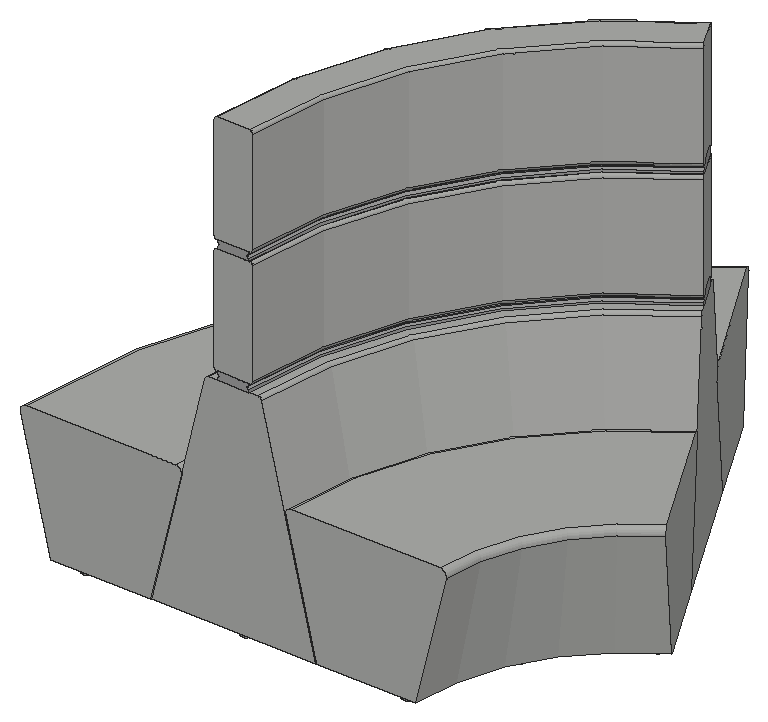
Revit family "Hive 60° Double Bench, Full Base, Two Screens", category Furniture, Revit 2020
Family settings
  OmniClass Number = 23.40.20.00
  OmniClass Title = General Furniture and Specialties
  Work Plane-Based = No
  Always vertical = Yes
  Cut with Voids When Loaded = No
  Shared = No
  Room Calculation Point = No
Parameters
  UK Secondary Seat Count = 4
  UK Primary Seat Count = 4
  Seat Upholstery [instance] = Fabric, Unspecified
  Seat Top Upholstery [instance] = Fabric, Unspecified
  Screen Two Upholstery [instance] = Fabric, Unspecified
  Screen Two Top Upholstery [instance] = Fabric, Unspecified
  Screen One Upholstery [instance] = Fabric, Unspecified
  Screen One Top Upholstery [instance] = Fabric, Unspecified
  Screen 2 [instance] = yes
  Screen 1 [instance] = yes
  Power Module Seat Right Front [instance] = no
  Power Module Seat Right Back [instance] = no
  Power Module Seat Left Front [instance] = no
  Power Module Seat Left Back [instance] = no
  Power Module Screen 2 Front [instance] = no
  Power Module Screen 2 Back [instance] = no
  Power Module Screen 1 Front [instance] = no
  Power Module Screen 1 Back [instance] = no
  Plug = Palmer Hamilton Black Plastic
  Plate = Palmer Hamilton Alum
  No Legs [instance] = not(Legs)  # yes
  Model = "SHV2N"
  Legs [instance] = no
  LegRightOffset [instance] = 0' - 2 3/16"
  LegLeftOffset [instance] = 0' - 2 3/16"
  Leg [instance] = Palmer Hamilton - Aluminum
  Joint [instance] = Palmer Hamilton - Aluminum
  HS Seat Count = 4
  ES Seat Count = 4
  Default Elevation = 0' - 0"
  Cost = 4
  Back Upholstery [instance] = Fabric, Unspecified
  Back Top Upholstery [instance] = Fabric, Unspecified
Reference planes (in)
  plane 1 "Center Front/Back": y = 0
  plane 2: z = 0
  plane 3 "Center Left/Right": x = 0
  plane 4 "LegLeftOffset": y = 2.1875
  plane 5 "LegRightOffset": through (29.59726, -51.26396, 48) normal (-0.866, -0.5, 0)
  plane 6: z = 1.25
  plane 7: z = 9.1875
  plane 8: z = 17
  plane 9: z = 28
  plane 10: through (0, 0, 48) normal (-0.5, -0.866, 0)
  plane 11: through (-40.56766, 21.91018, 48) normal (-0.866, 0.5, 0)
  plane 12: through (-21.30109, 12.29819, 48) normal (-0.866, 0.5, 0)
  plane 13: through (-25.07879, 14.47924, 48) normal (-0.866, 0.5, 0)
  plane 14: through (-42.0782, 24.29386, 48) normal (-0.866, 0.5, 0)
  plane 15: through (-43.97263, 25.38761, 48) normal (-0.866, 0.5, 0)
  plane 16: through (-58.8356, 33.96875, 48) normal (-0.866, 0.5, 0)
  plane 17: through (-62.2997, 35.96875, 48) normal (-0.866, 0.5, 0)
  plane 18: through (27.70283, -52.35771, 48) normal (-0.866, -0.5, 0)
Forms (in)
  Extrusion 1, solid, material "Palmer Hamilton - Aluminum", visible <- "Legs"
    sketch origin (0, 0, 0) x (0.965926, 0.258819, 0) y (-0.258819, 0.965926, 0)
      loop
        circle (-17.39928, 17.39928) r 0.625
      loop
        circle (-34.33679, 34.33679) r 0.625
      loop
        circle (-50.86749, 50.86749) r 0.625
    from 0.25 to 12
  Extrusion 2, solid, material "pH Black Plastic", visible <- "Legs"
    sketch origin (0, 0, 0) x (0.965926, 0.258819, 0) y (-0.258819, 0.965926, 0)
      loop
        circle (-34.33679, 34.33679) r 0.75
      loop
        circle (-17.39928, 17.39928) r 0.75
      loop
        circle (-50.86749, 50.86749) r 0.75
    from 0 to 0.25
  Revolve 3, solid, material "Fabric, Unspecified" <- "Seat Upholstery", visible <- "Legs"
    sketch origin (0, 0, 0) x (1, 0, 0) y (0, 0, 1)
      loop
        line (-23.21653, 17) -> (-41.36543, 17)
        arc (-41.36543, 17) -> (-41.95776, 16.71005) -> (-42.0921, 16.0644) r 0.75
        line (-42.0921, 16.0644) -> (-40.33567, 9.1875) -> (-22.84153, 9.1875)
        arc (-22.84153, 9.1875) -> (-22.57637, 9.29733) -> (-22.46653, 9.5625) r 0.375
        line (-22.46653, 9.5625) -> (-22.46653, 16.25)
        arc (-22.46653, 16.25) -> (-22.6862, 16.78033) -> (-23.21653, 17) r 0.75
      axis (0, 17) -> (0, 9.1875)
    angle from 60 to 0
  Revolve 4, solid, material "Fabric, Unspecified" <- "Seat Upholstery", visible <- "No Legs"
    sketch origin (0, 0, 0) x (1, 0, 0) y (0, 0, 1)
      loop
        arc (-41.37139, 17) -> (-41.9624, 16.71175) -> (-42.09912, 16.06856) r 0.75
        line (-42.09912, 16.06856) -> (-38.40443, 1.25) -> (-26.1848, 1.25) -> (-22.49012, 16.06856)
        arc (-22.49012, 16.06856) -> (-22.62683, 16.71175) -> (-23.21784, 17) r 0.75
        line (-23.21784, 17) -> (-41.37139, 17)
      axis (0, 17) -> (0, 1.25)
    angle from 60 to 0
  Revolve 5, solid, material "Palmer Hamilton - Aluminum" <- "Joint", visible <- "Screen 1"
    sketch origin (0, 0, 0) x (1, 0, 0) y (0, 0, 1)
      loop
        line (-50.4124, 29) -> (-50.4124, 28.75) -> (-50.1624, 28.5) -> (-50.4124, 28.25) -> (-50.4124, 28) -> (-46.58858, 28) -> (-46.58858, 28.25) -> (-46.83858, 28.5) -> (-46.58858, 28.75) -> (-46.58858, 29) -> (-50.4124, 29)
      axis (0, 29) -> (0, 28)
    angle from 60 to 0
  Revolve 6, solid, material "Fabric, Unspecified" <- "Screen One Upholstery", visible <- "Screen 1"
    sketch origin (0, 0, 0) x (1, 0, 0) y (0, 0, 1)
      loop
        line (-50.81299, 42) -> (-50.81299, 29.375)
        arc (-50.81299, 29.375) -> (-50.70315, 29.10983) -> (-50.43799, 29) r 0.375
        line (-50.43799, 29) -> (-46.46358, 29)
        arc (-46.46358, 29) -> (-46.19842, 29.10983) -> (-46.08858, 29.375) r 0.375
        line (-46.08858, 29.375) -> (-46.08858, 42)
        arc (-46.08858, 42) -> (-46.19842, 42.26517) -> (-46.46358, 42.375) r 0.375
        line (-46.46358, 42.375) -> (-50.43799, 42.375)
        arc (-50.43799, 42.375) -> (-50.70315, 42.26517) -> (-50.81299, 42) r 0.375
      axis (0, 42.375) -> (0, 29)
    angle from 60 to 0
  Revolve 7, solid, material "Palmer Hamilton - Aluminum" <- "Joint", visible <- "Screen 2"
    sketch origin (0, 0, 14.375) x (1, 0, 0) y (0, 0, 1)
      loop
        line (-50.4124, 29) -> (-50.4124, 28.75) -> (-50.1624, 28.5) -> (-50.4124, 28.25) -> (-50.4124, 28) -> (-46.58858, 28) -> (-46.58858, 28.25) -> (-46.83858, 28.5) -> (-46.58858, 28.75) -> (-46.58858, 29) -> (-50.4124, 29)
      axis (0, 29) -> (0, 28)
    angle from 60 to 0
  Revolve 8, solid, material "Fabric, Unspecified" <- "Screen Two Upholstery", visible <- "Screen 2"
    sketch origin (0, 0, 14.375) x (1, 0, 0) y (0, 0, 1)
      loop
        line (-50.81299, 42) -> (-50.81299, 29.375)
        arc (-50.81299, 29.375) -> (-50.70315, 29.10983) -> (-50.43799, 29) r 0.375
        line (-50.43799, 29) -> (-46.46358, 29)
        arc (-46.46358, 29) -> (-46.19842, 29.10983) -> (-46.08858, 29.375) r 0.375
        line (-46.08858, 29.375) -> (-46.08858, 42)
        arc (-46.08858, 42) -> (-46.19842, 42.26517) -> (-46.46358, 42.375) r 0.375
        line (-46.46358, 42.375) -> (-50.43799, 42.375)
        arc (-50.43799, 42.375) -> (-50.70315, 42.26517) -> (-50.81299, 42) r 0.375
      axis (0, 42.375) -> (0, 29)
    angle from 60 to 0
  Extrusion 9, solid, material "pH Black Plastic", visible <- "No Legs"
    sketch origin (0, 0, 0) x (0.965926, 0.258819, 0) y (-0.258819, 0.965926, 0)
      loop
        circle (-34.33679, 34.33679) r 0.75
      loop
        circle (-20.45999, 20.45999) r 0.75
      loop
        circle (-48.03907, 48.03907) r 0.75
    from 0 to 1.25
  Extrusion 10, solid, material "Palmer Hamilton Alum" <- "Plate", visible <- "Power Module Seat Right Front"
    sketch origin (-16.55005, 28.66553, 9.1875) x (-0.5, 0.866025, 0) y (0, 0, 1)
      loop
        line (0.875, 3.25) -> (-0.875, 3.25)
        arc (-0.875, 3.25) -> (-1.14017, 3.14017) -> (-1.25, 2.875) r 0.375
        line (-1.25, 2.875) -> (-1.25, -2.875)
        arc (-1.25, -2.875) -> (-1.14017, -3.14017) -> (-0.875, -3.25) r 0.375
        line (-0.875, -3.25) -> (0.875, -3.25)
        arc (0.875, -3.25) -> (1.14017, -3.14017) -> (1.25, -2.875) r 0.375
        line (1.25, -2.875) -> (1.25, 2.875)
        arc (1.25, 2.875) -> (1.14017, 3.14017) -> (0.875, 3.25) r 0.375
    from 0 to 0.0598
  Blend 11, solid, material "Palmer Hamilton Black Plastic" <- "Plug", visible <- "Power Module Seat Right Front"
    base sketch origin (-16.55005, 28.66553, 9.1875) x (-0.5, 0.866025, 0) y (0, 0, 1)
      loop
        line (-0.535, 1.788) -> (-0.535, 0.718) -> (0.535, 0.718) -> (0.535, 1.788) -> (-0.535, 1.788)
    top sketch origin (-16.55005, 28.66553, 9.1875) x (-0.5, 0.866025, 0) y (0, 0, 1)
      loop
        line (-0.46894, 1.72894) -> (-0.46894, 0.78406) -> (0.47594, 0.78406) -> (0.47594, 1.72894) -> (-0.46894, 1.72894)
    from 0.0598 to 0.1378
  Blend 12, solid, material "Palmer Hamilton Black Plastic" <- "Plug", visible <- "Power Module Seat Right Front"
    base sketch origin (-16.55005, 28.66553, 9.1875) x (-0.5, 0.866025, 0) y (0, 0, 1)
      loop
        line (-0.535, -1.788) -> (0.535, -1.788) -> (0.535, -0.718) -> (-0.535, -0.718) -> (-0.535, -1.788)
    top sketch origin (-16.55005, 28.66553, 9.1875) x (-0.5, 0.866025, 0) y (0, 0, 1)
      loop
        line (-0.46894, -1.72894) -> (0.47594, -1.72894) -> (0.47594, -0.78406) -> (-0.46894, -0.78406) -> (-0.46894, -1.72894)
    from 0.0598 to 0.1378
  Extrusion 13, solid, material "Palmer Hamilton Black Plastic" <- "Plug", visible <- "Power Module Seat Right Front"
    sketch origin (-16.55005, 28.66553, 9.1875) x (-0.5, 0.866025, 0) y (0, 0, 1)
      loop
        line (-0.288, 0.2665) -> (-0.288, -0.2665) -> (0.288, -0.2665) -> (0.288, 0.2665) -> (-0.288, 0.2665)
      loop
        line (-0.18864, 0.20185) -> (-0.18864, -0.20575) -> (-0.06116, -0.20575) -> (-0.06116, 0.20185) -> (-0.18864, 0.20185)
      loop
        line (0.06115, 0.20185) -> (0.06115, -0.20575) -> (0.18863, -0.20575) -> (0.18863, 0.20185) -> (0.06115, 0.20185)
    from 0.0598 to 0.11052
  Extrusion 14, void
    sketch origin (-16.55005, 28.66553, 9.1875) x (-0.5, 0.866025, 0) y (0, 0, 1)
      loop
        arc (-0.1165, 1.49056) -> (0.0035, 1.37056) -> (0.1235, 1.49056) r 0.12
        line (0.1235, 1.49056) -> (0.1235, 1.61056) -> (-0.1165, 1.61056) -> (-0.1165, 1.49056)
      loop
        line (-0.30278, 1.19556) -> (-0.30278, 0.84957) -> (-0.18628, 0.84957) -> (-0.18628, 1.19556) -> (-0.30278, 1.19556)
      loop
        line (0.19722, 1.16331) -> (0.19722, 0.88182) -> (0.31372, 0.88182) -> (0.31372, 1.16331) -> (0.19722, 1.16331)
    from 0.0598 to 0.1378
  Extrusion 15, void
    sketch origin (-16.55005, 28.66553, 9.1875) x (-0.5, 0.866025, 0) y (0, 0, 1)
      loop
        line (-0.1165, -1.49056) -> (-0.1165, -1.61056) -> (0.1235, -1.61056) -> (0.1235, -1.49056)
        arc (0.1235, -1.49056) -> (0.0035, -1.37056) -> (-0.1165, -1.49056) r 0.12
      loop
        line (-0.30278, -1.19556) -> (-0.18628, -1.19556) -> (-0.18628, -0.84957) -> (-0.30278, -0.84957) -> (-0.30278, -1.19556)
      loop
        line (0.19722, -1.16331) -> (0.31372, -1.16331) -> (0.31372, -0.88182) -> (0.19722, -0.88182) -> (0.19722, -1.16331)
    from 0.0598 to 0.1378
  Extrusion 16, solid, material "Palmer Hamilton Alum" <- "Plate", not visible
    sketch origin (7.98653, 21.60823, 0) x (1, 0, 0) y (0, 1, 0)
      loop
        line (0.875, 3.25) -> (-0.875, 3.25)
        arc (-0.875, 3.25) -> (-1.14017, 3.14017) -> (-1.25, 2.875) r 0.375
        line (-1.25, 2.875) -> (-1.25, -2.875)
        arc (-1.25, -2.875) -> (-1.14017, -3.14017) -> (-0.875, -3.25) r 0.375
        line (-0.875, -3.25) -> (0.875, -3.25)
        arc (0.875, -3.25) -> (1.14017, -3.14017) -> (1.25, -2.875) r 0.375
        line (1.25, -2.875) -> (1.25, 2.875)
        arc (1.25, 2.875) -> (1.14017, 3.14017) -> (0.875, 3.25) r 0.375
    from 0 to 0.0598
  Blend 17, solid, material "Palmer Hamilton Black Plastic" <- "Plug", not visible
    base sketch origin (7.98653, 21.60823, 0) x (1, 0, 0) y (0, 1, 0)
      loop
        line (-0.535, 1.788) -> (-0.535, 0.718) -> (0.535, 0.718) -> (0.535, 1.788) -> (-0.535, 1.788)
    top sketch origin (7.98653, 21.60823, 0) x (1, 0, 0) y (0, 1, 0)
      loop
        line (-0.46894, 1.72894) -> (-0.46894, 0.78406) -> (0.47594, 0.78406) -> (0.47594, 1.72894) -> (-0.46894, 1.72894)
    from 0.0598 to 0.1378
  Blend 18, solid, material "Palmer Hamilton Black Plastic" <- "Plug", not visible
    base sketch origin (7.98653, 21.60823, 0) x (1, 0, 0) y (0, 1, 0)
      loop
        line (-0.535, -1.788) -> (0.535, -1.788) -> (0.535, -0.718) -> (-0.535, -0.718) -> (-0.535, -1.788)
    top sketch origin (7.98653, 21.60823, 0) x (1, 0, 0) y (0, 1, 0)
      loop
        line (-0.46894, -1.72894) -> (0.47594, -1.72894) -> (0.47594, -0.78406) -> (-0.46894, -0.78406) -> (-0.46894, -1.72894)
    from 0.0598 to 0.1378
  Extrusion 19, solid, material "Palmer Hamilton Black Plastic" <- "Plug", not visible
    sketch origin (7.98653, 21.60823, 0) x (1, 0, 0) y (0, 1, 0)
      loop
        line (-0.288, 0.2665) -> (-0.288, -0.2665) -> (0.288, -0.2665) -> (0.288, 0.2665) -> (-0.288, 0.2665)
      loop
        line (-0.18864, 0.20185) -> (-0.18864, -0.20575) -> (-0.06116, -0.20575) -> (-0.06116, 0.20185) -> (-0.18864, 0.20185)
      loop
        line (0.06115, 0.20185) -> (0.06115, -0.20575) -> (0.18863, -0.20575) -> (0.18863, 0.20185) -> (0.06115, 0.20185)
    from 0.0598 to 0.11052
  Extrusion 20, void, not visible
    sketch origin (7.98653, 21.60823, 0) x (1, 0, 0) y (0, 1, 0)
      loop
        arc (-0.1165, 1.49056) -> (0.0035, 1.37056) -> (0.1235, 1.49056) r 0.12
        line (0.1235, 1.49056) -> (0.1235, 1.61056) -> (-0.1165, 1.61056) -> (-0.1165, 1.49056)
      loop
        line (-0.30278, 1.19556) -> (-0.30278, 0.84957) -> (-0.18628, 0.84957) -> (-0.18628, 1.19556) -> (-0.30278, 1.19556)
      loop
        line (0.19722, 1.16331) -> (0.19722, 0.88182) -> (0.31372, 0.88182) -> (0.31372, 1.16331) -> (0.19722, 1.16331)
    from 0.0598 to 0.1378
  Extrusion 21, void, not visible
    sketch origin (7.98653, 21.60823, 0) x (1, 0, 0) y (0, 1, 0)
      loop
        line (-0.1165, -1.49056) -> (-0.1165, -1.61056) -> (0.1235, -1.61056) -> (0.1235, -1.49056)
        arc (0.1235, -1.49056) -> (0.0035, -1.37056) -> (-0.1165, -1.49056) r 0.12
      loop
        line (-0.30278, -1.19556) -> (-0.18628, -1.19556) -> (-0.18628, -0.84957) -> (-0.30278, -0.84957) -> (-0.30278, -1.19556)
      loop
        line (0.19722, -1.16331) -> (0.31372, -1.16331) -> (0.31372, -0.88182) -> (0.19722, -0.88182) -> (0.19722, -1.16331)
    from 0.0598 to 0.1378
  Extrusion 22, solid, material "Palmer Hamilton Alum" <- "Plate", visible <- "Power Module Seat Left Front"
    sketch origin (-32.29462, 0, 9.1875) x (1, 0, 0) y (0, 0, 1)
      loop
        line (0.875, 3.25) -> (-0.875, 3.25)
        arc (-0.875, 3.25) -> (-1.14017, 3.14017) -> (-1.25, 2.875) r 0.375
        line (-1.25, 2.875) -> (-1.25, -2.875)
        arc (-1.25, -2.875) -> (-1.14017, -3.14017) -> (-0.875, -3.25) r 0.375
        line (-0.875, -3.25) -> (0.875, -3.25)
        arc (0.875, -3.25) -> (1.14017, -3.14017) -> (1.25, -2.875) r 0.375
        line (1.25, -2.875) -> (1.25, 2.875)
        arc (1.25, 2.875) -> (1.14017, 3.14017) -> (0.875, 3.25) r 0.375
    from 0 to 0.0598
  Blend 23, solid, material "Palmer Hamilton Black Plastic" <- "Plug", visible <- "Power Module Seat Left Front"
    base sketch origin (-32.29462, 0, 9.1875) x (1, 0, 0) y (0, 0, 1)
      loop
        line (-0.535, 1.788) -> (-0.535, 0.718) -> (0.535, 0.718) -> (0.535, 1.788) -> (-0.535, 1.788)
    top sketch origin (-32.29462, 0, 9.1875) x (1, 0, 0) y (0, 0, 1)
      loop
        line (-0.46894, 1.72894) -> (-0.46894, 0.78406) -> (0.47594, 0.78406) -> (0.47594, 1.72894) -> (-0.46894, 1.72894)
    from 0.0598 to 0.1378
  Blend 24, solid, material "Palmer Hamilton Black Plastic" <- "Plug", visible <- "Power Module Seat Left Front"
    base sketch origin (-32.29462, 0, 9.1875) x (1, 0, 0) y (0, 0, 1)
      loop
        line (-0.535, -1.788) -> (0.535, -1.788) -> (0.535, -0.718) -> (-0.535, -0.718) -> (-0.535, -1.788)
    top sketch origin (-32.29462, 0, 9.1875) x (1, 0, 0) y (0, 0, 1)
      loop
        line (-0.46894, -1.72894) -> (0.47594, -1.72894) -> (0.47594, -0.78406) -> (-0.46894, -0.78406) -> (-0.46894, -1.72894)
    from 0.0598 to 0.1378
  Extrusion 25, solid, material "Palmer Hamilton Black Plastic" <- "Plug", visible <- "Power Module Seat Left Front"
    sketch origin (-32.29462, 0, 9.1875) x (1, 0, 0) y (0, 0, 1)
      loop
        line (-0.288, 0.2665) -> (-0.288, -0.2665) -> (0.288, -0.2665) -> (0.288, 0.2665) -> (-0.288, 0.2665)
      loop
        line (-0.18864, 0.20185) -> (-0.18864, -0.20575) -> (-0.06116, -0.20575) -> (-0.06116, 0.20185) -> (-0.18864, 0.20185)
      loop
        line (0.06115, 0.20185) -> (0.06115, -0.20575) -> (0.18863, -0.20575) -> (0.18863, 0.20185) -> (0.06115, 0.20185)
    from 0.0598 to 0.11052
  Extrusion 26, void
    sketch origin (-28.3707, -15.44974, 9.1875) x (0.866025, 0.5, 0) y (0, 0, 1)
      loop
        arc (-0.1165, 1.49056) -> (0.0035, 1.37056) -> (0.1235, 1.49056) r 0.12
        line (0.1235, 1.49056) -> (0.1235, 1.61056) -> (-0.1165, 1.61056) -> (-0.1165, 1.49056)
      loop
        line (-0.30278, 1.19556) -> (-0.30278, 0.84957) -> (-0.18628, 0.84957) -> (-0.18628, 1.19556) -> (-0.30278, 1.19556)
      loop
        line (0.19722, 1.16331) -> (0.19722, 0.88182) -> (0.31372, 0.88182) -> (0.31372, 1.16331) -> (0.19722, 1.16331)
    from 0.0598 to 0.1378
  Extrusion 27, void
    sketch origin (-28.3707, -15.44974, 9.1875) x (0.866025, 0.5, 0) y (0, 0, 1)
      loop
        line (-0.1165, -1.49056) -> (-0.1165, -1.61056) -> (0.1235, -1.61056) -> (0.1235, -1.49056)
        arc (0.1235, -1.49056) -> (0.0035, -1.37056) -> (-0.1165, -1.49056) r 0.12
      loop
        line (-0.30278, -1.19556) -> (-0.18628, -1.19556) -> (-0.18628, -0.84957) -> (-0.30278, -0.84957) -> (-0.30278, -1.19556)
      loop
        line (0.19722, -1.16331) -> (0.31372, -1.16331) -> (0.31372, -0.88182) -> (0.19722, -0.88182) -> (0.19722, -1.16331)
    from 0.0598 to 0.1378
  Extrusion 28, solid, material "Palmer Hamilton Alum" <- "Plate", visible <- "Power Module Screen 1 Front"
    sketch origin (-39.94266, 22.99271, 35.6875) x (0.5, 0.866025, 0) y (0, 0, 1)
      loop
        line (0.875, 3.25) -> (-0.875, 3.25)
        arc (-0.875, 3.25) -> (-1.14017, 3.14017) -> (-1.25, 2.875) r 0.375
        line (-1.25, 2.875) -> (-1.25, -2.875)
        arc (-1.25, -2.875) -> (-1.14017, -3.14017) -> (-0.875, -3.25) r 0.375
        line (-0.875, -3.25) -> (0.875, -3.25)
        arc (0.875, -3.25) -> (1.14017, -3.14017) -> (1.25, -2.875) r 0.375
        line (1.25, -2.875) -> (1.25, 2.875)
        arc (1.25, 2.875) -> (1.14017, 3.14017) -> (0.875, 3.25) r 0.375
    from 0 to 0.0598
  Blend 29, solid, material "Palmer Hamilton Black Plastic" <- "Plug", visible <- "Power Module Screen 1 Front"
    base sketch origin (-39.94266, 22.99271, 35.6875) x (0.5, 0.866025, 0) y (0, 0, 1)
      loop
        line (-0.535, 1.788) -> (-0.535, 0.718) -> (0.535, 0.718) -> (0.535, 1.788) -> (-0.535, 1.788)
    top sketch origin (-39.94266, 22.99271, 35.6875) x (0.5, 0.866025, 0) y (0, 0, 1)
      loop
        line (-0.46894, 1.72894) -> (-0.46894, 0.78406) -> (0.47594, 0.78406) -> (0.47594, 1.72894) -> (-0.46894, 1.72894)
    from 0.0598 to 0.1378
  Blend 30, solid, material "Palmer Hamilton Black Plastic" <- "Plug", visible <- "Power Module Screen 1 Front"
    base sketch origin (-39.94266, 22.99271, 35.6875) x (0.5, 0.866025, 0) y (0, 0, 1)
      loop
        line (-0.535, -1.788) -> (0.535, -1.788) -> (0.535, -0.718) -> (-0.535, -0.718) -> (-0.535, -1.788)
    top sketch origin (-39.94266, 22.99271, 35.6875) x (0.5, 0.866025, 0) y (0, 0, 1)
      loop
        line (-0.46894, -1.72894) -> (0.47594, -1.72894) -> (0.47594, -0.78406) -> (-0.46894, -0.78406) -> (-0.46894, -1.72894)
    from 0.0598 to 0.1378
  Extrusion 31, solid, material "Palmer Hamilton Black Plastic" <- "Plug", visible <- "Power Module Screen 1 Front"
    sketch origin (-39.94266, 22.99271, 35.6875) x (0.5, 0.866025, 0) y (0, 0, 1)
      loop
        line (-0.288, 0.2665) -> (-0.288, -0.2665) -> (0.288, -0.2665) -> (0.288, 0.2665) -> (-0.288, 0.2665)
      loop
        line (-0.18864, 0.20185) -> (-0.18864, -0.20575) -> (-0.06116, -0.20575) -> (-0.06116, 0.20185) -> (-0.18864, 0.20185)
      loop
        line (0.06115, 0.20185) -> (0.06115, -0.20575) -> (0.18863, -0.20575) -> (0.18863, 0.20185) -> (0.06115, 0.20185)
    from 0.0598 to 0.11052
  Extrusion 32, void
    sketch origin (-39.94266, 22.99271, 35.6875) x (0.5, 0.866025, 0) y (0, 0, 1)
      loop
        arc (-0.1165, 1.49056) -> (0.0035, 1.37056) -> (0.1235, 1.49056) r 0.12
        line (0.1235, 1.49056) -> (0.1235, 1.61056) -> (-0.1165, 1.61056) -> (-0.1165, 1.49056)
      loop
        line (-0.30278, 1.19556) -> (-0.30278, 0.84957) -> (-0.18628, 0.84957) -> (-0.18628, 1.19556) -> (-0.30278, 1.19556)
      loop
        line (0.19722, 1.16331) -> (0.19722, 0.88182) -> (0.31372, 0.88182) -> (0.31372, 1.16331) -> (0.19722, 1.16331)
    from 0.0598 to 0.1378
  Extrusion 33, void
    sketch origin (-39.94266, 22.99271, 35.6875) x (0.5, 0.866025, 0) y (0, 0, 1)
      loop
        line (-0.1165, -1.49056) -> (-0.1165, -1.61056) -> (0.1235, -1.61056) -> (0.1235, -1.49056)
        arc (0.1235, -1.49056) -> (0.0035, -1.37056) -> (-0.1165, -1.49056) r 0.12
      loop
        line (-0.30278, -1.19556) -> (-0.18628, -1.19556) -> (-0.18628, -0.84957) -> (-0.30278, -0.84957) -> (-0.30278, -1.19556)
      loop
        line (0.19722, -1.16331) -> (0.31372, -1.16331) -> (0.31372, -0.88182) -> (0.19722, -0.88182) -> (0.19722, -1.16331)
    from 0.0598 to 0.1378
  Extrusion 34, solid, material "Palmer Hamilton Alum" <- "Plate", visible <- "Power Module Screen 2 Front"
    sketch origin (-39.94266, 22.99271, 50.0625) x (0.5, 0.866025, 0) y (0, 0, 1)
      loop
        line (0.875, 3.25) -> (-0.875, 3.25)
        arc (-0.875, 3.25) -> (-1.14017, 3.14017) -> (-1.25, 2.875) r 0.375
        line (-1.25, 2.875) -> (-1.25, -2.875)
        arc (-1.25, -2.875) -> (-1.14017, -3.14017) -> (-0.875, -3.25) r 0.375
        line (-0.875, -3.25) -> (0.875, -3.25)
        arc (0.875, -3.25) -> (1.14017, -3.14017) -> (1.25, -2.875) r 0.375
        line (1.25, -2.875) -> (1.25, 2.875)
        arc (1.25, 2.875) -> (1.14017, 3.14017) -> (0.875, 3.25) r 0.375
    from 0 to 0.0598
  Blend 35, solid, material "Palmer Hamilton Black Plastic" <- "Plug", visible <- "Power Module Screen 2 Front"
    base sketch origin (-39.94266, 22.99271, 50.0625) x (0.5, 0.866025, 0) y (0, 0, 1)
      loop
        line (-0.535, 1.788) -> (-0.535, 0.718) -> (0.535, 0.718) -> (0.535, 1.788) -> (-0.535, 1.788)
    top sketch origin (-39.94266, 22.99271, 50.0625) x (0.5, 0.866025, 0) y (0, 0, 1)
      loop
        line (-0.46894, 1.72894) -> (-0.46894, 0.78406) -> (0.47594, 0.78406) -> (0.47594, 1.72894) -> (-0.46894, 1.72894)
    from 0.0598 to 0.1378
  Blend 36, solid, material "Palmer Hamilton Black Plastic" <- "Plug", visible <- "Power Module Screen 2 Front"
    base sketch origin (-39.94266, 22.99271, 50.0625) x (0.5, 0.866025, 0) y (0, 0, 1)
      loop
        line (-0.535, -1.788) -> (0.535, -1.788) -> (0.535, -0.718) -> (-0.535, -0.718) -> (-0.535, -1.788)
    top sketch origin (-39.94266, 22.99271, 50.0625) x (0.5, 0.866025, 0) y (0, 0, 1)
      loop
        line (-0.46894, -1.72894) -> (0.47594, -1.72894) -> (0.47594, -0.78406) -> (-0.46894, -0.78406) -> (-0.46894, -1.72894)
    from 0.0598 to 0.1378
  Extrusion 37, solid, material "Palmer Hamilton Black Plastic" <- "Plug", visible <- "Power Module Screen 2 Front"
    sketch origin (-39.94266, 22.99271, 50.0625) x (0.5, 0.866025, 0) y (0, 0, 1)
      loop
        line (-0.288, 0.2665) -> (-0.288, -0.2665) -> (0.288, -0.2665) -> (0.288, 0.2665) -> (-0.288, 0.2665)
      loop
        line (-0.18864, 0.20185) -> (-0.18864, -0.20575) -> (-0.06116, -0.20575) -> (-0.06116, 0.20185) -> (-0.18864, 0.20185)
      loop
        line (0.06115, 0.20185) -> (0.06115, -0.20575) -> (0.18863, -0.20575) -> (0.18863, 0.20185) -> (0.06115, 0.20185)
    from 0.0598 to 0.11052
  Extrusion 38, void
    sketch origin (-39.94266, 22.99271, 50.0625) x (0.5, 0.866025, 0) y (0, 0, 1)
      loop
        arc (-0.1165, 1.49056) -> (0.0035, 1.37056) -> (0.1235, 1.49056) r 0.12
        line (0.1235, 1.49056) -> (0.1235, 1.61056) -> (-0.1165, 1.61056) -> (-0.1165, 1.49056)
      loop
        line (-0.30278, 1.19556) -> (-0.30278, 0.84957) -> (-0.18628, 0.84957) -> (-0.18628, 1.19556) -> (-0.30278, 1.19556)
      loop
        line (0.19722, 1.16331) -> (0.19722, 0.88182) -> (0.31372, 0.88182) -> (0.31372, 1.16331) -> (0.19722, 1.16331)
    from 0.0598 to 0.1378
  Extrusion 39, void
    sketch origin (-39.94266, 22.99271, 50.0625) x (0.5, 0.866025, 0) y (0, 0, 1)
      loop
        line (-0.1165, -1.49056) -> (-0.1165, -1.61056) -> (0.1235, -1.61056) -> (0.1235, -1.49056)
        arc (0.1235, -1.49056) -> (0.0035, -1.37056) -> (-0.1165, -1.49056) r 0.12
      loop
        line (-0.30278, -1.19556) -> (-0.18628, -1.19556) -> (-0.18628, -0.84957) -> (-0.30278, -0.84957) -> (-0.30278, -1.19556)
      loop
        line (0.19722, -1.16331) -> (0.31372, -1.16331) -> (0.31372, -0.88182) -> (0.19722, -0.88182) -> (0.19722, -1.16331)
    from 0.0598 to 0.1378
  Revolve 40, solid, material "Fabric, Unspecified" <- "Back Upholstery", visible <- "Legs"
    sketch origin (0, 0, 0) x (1, 0, 0) y (0, 0, 1)
      loop
        line (-45.46354, 28) -> (-51.43326, 28)
        arc (-51.43326, 28) -> (-51.74109, 27.89401) -> (-51.91841, 27.62096) r 0.5
        line (-51.91841, 27.62096) -> (-56.51438, 9.1875) -> (-40.38242, 9.1875) -> (-44.97839, 27.62096)
        arc (-44.97839, 27.62096) -> (-45.15571, 27.89401) -> (-45.46354, 28) r 0.5
      axis (0, 28) -> (0, 9.1875)
    angle from 60 to 0
  Revolve 41, solid, material "Fabric, Unspecified" <- "Seat Upholstery", visible <- "No Legs"
    sketch origin (0, 0, 0) x (1, 0, 0) y (0, 0, 1)
      loop
        line (-55.54902, 17) -> (-73.73989, 17)
        arc (-73.73989, 17) -> (-74.3309, 16.71175) -> (-74.46761, 16.06856) r 0.75
        line (-74.46761, 16.06856) -> (-70.77293, 1.25) -> (-58.51598, 1.25) -> (-54.82129, 16.06856)
        arc (-54.82129, 16.06856) -> (-54.95801, 16.71175) -> (-55.54902, 17) r 0.75
      axis (0, 17) -> (0, 1.25)
    angle from 60 to 0
  Revolve 42, solid, material "Fabric, Unspecified" <- "Seat Upholstery", visible <- "Legs"
    sketch origin (0, 0, 0) x (1, 0, 0) y (0, 0, 1)
      loop
        arc (-73.68133, 17) -> (-74.21166, 16.78033) -> (-74.43133, 16.25) r 0.75
        line (-74.43133, 16.25) -> (-74.43133, 9.5625)
        arc (-74.43133, 9.5625) -> (-74.32149, 9.29733) -> (-74.05633, 9.1875) r 0.375
        line (-74.05633, 9.1875) -> (-56.51438, 9.1875) -> (-54.79874, 16.06856)
        arc (-54.79874, 16.06856) -> (-54.93546, 16.71175) -> (-55.52647, 17) r 0.75
        line (-55.52647, 17) -> (-73.68133, 17)
      axis (0, 17) -> (0, 9.1875)
    angle from 60 to 0
  Revolve 43, solid, material "Fabric, Unspecified" <- "Back Upholstery", visible <- "No Legs"
    sketch origin (0, 0, 0) x (1, 0, 0) y (0, 0, 1)
      loop
        line (-45.46354, 28) -> (-51.43326, 28)
        arc (-51.43326, 28) -> (-51.74109, 27.89401) -> (-51.91841, 27.62096) r 0.5
        line (-51.91841, 27.62096) -> (-58.49051, 1.26168) -> (-38.40629, 1.26168) -> (-44.97839, 27.62096)
        arc (-44.97839, 27.62096) -> (-45.15571, 27.89401) -> (-45.46354, 28) r 0.5
      axis (0, 28) -> (0, 1.26168)
    angle from 60 to 0
  Extrusion 44, solid, material "Palmer Hamilton Alum" <- "Plate", visible <- "Power Module Screen 1 Back"
    sketch origin (-43.9431, 25.43876, 35.6875) x (-0.5, -0.866025, 0) y (0, 0, 1)
      loop
        line (0.875, 3.25) -> (-0.875, 3.25)
        arc (-0.875, 3.25) -> (-1.14017, 3.14017) -> (-1.25, 2.875) r 0.375
        line (-1.25, 2.875) -> (-1.25, -2.875)
        arc (-1.25, -2.875) -> (-1.14017, -3.14017) -> (-0.875, -3.25) r 0.375
        line (-0.875, -3.25) -> (0.875, -3.25)
        arc (0.875, -3.25) -> (1.14017, -3.14017) -> (1.25, -2.875) r 0.375
        line (1.25, -2.875) -> (1.25, 2.875)
        arc (1.25, 2.875) -> (1.14017, 3.14017) -> (0.875, 3.25) r 0.375
    from 0 to 0.0598
  Blend 45, solid, material "Palmer Hamilton Black Plastic" <- "Plug", visible <- "Power Module Screen 1 Back"
    base sketch origin (-43.9431, 25.43876, 35.6875) x (-0.5, -0.866025, 0) y (0, 0, 1)
      loop
        line (-0.535, 1.788) -> (-0.535, 0.718) -> (0.535, 0.718) -> (0.535, 1.788) -> (-0.535, 1.788)
    top sketch origin (-43.9431, 25.43876, 35.6875) x (-0.5, -0.866025, 0) y (0, 0, 1)
      loop
        line (-0.46894, 1.72894) -> (-0.46894, 0.78406) -> (0.47594, 0.78406) -> (0.47594, 1.72894) -> (-0.46894, 1.72894)
    from 0.0598 to 0.1378
  Blend 46, solid, material "Palmer Hamilton Black Plastic" <- "Plug", visible <- "Power Module Screen 1 Back"
    base sketch origin (-43.9431, 25.43876, 35.6875) x (-0.5, -0.866025, 0) y (0, 0, 1)
      loop
        line (-0.535, -1.788) -> (0.535, -1.788) -> (0.535, -0.718) -> (-0.535, -0.718) -> (-0.535, -1.788)
    top sketch origin (-43.9431, 25.43876, 35.6875) x (-0.5, -0.866025, 0) y (0, 0, 1)
      loop
        line (-0.46894, -1.72894) -> (0.47594, -1.72894) -> (0.47594, -0.78406) -> (-0.46894, -0.78406) -> (-0.46894, -1.72894)
    from 0.0598 to 0.1378
  Extrusion 47, solid, material "Palmer Hamilton Black Plastic" <- "Plug", visible <- "Power Module Screen 1 Back"
    sketch origin (-43.9431, 25.43876, 35.6875) x (-0.5, -0.866025, 0) y (0, 0, 1)
      loop
        line (-0.288, 0.2665) -> (-0.288, -0.2665) -> (0.288, -0.2665) -> (0.288, 0.2665) -> (-0.288, 0.2665)
      loop
        line (-0.18864, 0.20185) -> (-0.18864, -0.20575) -> (-0.06116, -0.20575) -> (-0.06116, 0.20185) -> (-0.18864, 0.20185)
      loop
        line (0.06115, 0.20185) -> (0.06115, -0.20575) -> (0.18863, -0.20575) -> (0.18863, 0.20185) -> (0.06115, 0.20185)
    from 0.0598 to 0.11052
  Extrusion 48, void
    sketch origin (-43.9431, 25.43876, 35.6875) x (-0.5, -0.866025, 0) y (0, 0, 1)
      loop
        arc (-0.1165, 1.49056) -> (0.0035, 1.37056) -> (0.1235, 1.49056) r 0.12
        line (0.1235, 1.49056) -> (0.1235, 1.61056) -> (-0.1165, 1.61056) -> (-0.1165, 1.49056)
      loop
        line (-0.30278, 1.19556) -> (-0.30278, 0.84957) -> (-0.18628, 0.84957) -> (-0.18628, 1.19556) -> (-0.30278, 1.19556)
      loop
        line (0.19722, 1.16331) -> (0.19722, 0.88182) -> (0.31372, 0.88182) -> (0.31372, 1.16331) -> (0.19722, 1.16331)
    from 0.0598 to 0.1378
  Extrusion 49, void
    sketch origin (-43.9431, 25.43876, 35.6875) x (-0.5, -0.866025, 0) y (0, 0, 1)
      loop
        line (-0.1165, -1.49056) -> (-0.1165, -1.61056) -> (0.1235, -1.61056) -> (0.1235, -1.49056)
        arc (0.1235, -1.49056) -> (0.0035, -1.37056) -> (-0.1165, -1.49056) r 0.12
      loop
        line (-0.30278, -1.19556) -> (-0.18628, -1.19556) -> (-0.18628, -0.84957) -> (-0.30278, -0.84957) -> (-0.30278, -1.19556)
      loop
        line (0.19722, -1.16331) -> (0.31372, -1.16331) -> (0.31372, -0.88182) -> (0.19722, -0.88182) -> (0.19722, -1.16331)
    from 0.0598 to 0.1378
  Extrusion 50, solid, material "Palmer Hamilton Alum" <- "Plate", visible <- "Power Module Screen 2 Back"
    sketch origin (-43.9431, 25.43876, 50.0625) x (-0.5, -0.866025, 0) y (0, 0, 1)
      loop
        line (0.875, 3.25) -> (-0.875, 3.25)
        arc (-0.875, 3.25) -> (-1.14017, 3.14017) -> (-1.25, 2.875) r 0.375
        line (-1.25, 2.875) -> (-1.25, -2.875)
        arc (-1.25, -2.875) -> (-1.14017, -3.14017) -> (-0.875, -3.25) r 0.375
        line (-0.875, -3.25) -> (0.875, -3.25)
        arc (0.875, -3.25) -> (1.14017, -3.14017) -> (1.25, -2.875) r 0.375
        line (1.25, -2.875) -> (1.25, 2.875)
        arc (1.25, 2.875) -> (1.14017, 3.14017) -> (0.875, 3.25) r 0.375
    from 0 to 0.0598
  Blend 51, solid, material "Palmer Hamilton Black Plastic" <- "Plug", visible <- "Power Module Screen 2 Back"
    base sketch origin (-43.9431, 25.43876, 50.0625) x (-0.5, -0.866025, 0) y (0, 0, 1)
      loop
        line (-0.535, 1.788) -> (-0.535, 0.718) -> (0.535, 0.718) -> (0.535, 1.788) -> (-0.535, 1.788)
    top sketch origin (-43.9431, 25.43876, 50.0625) x (-0.5, -0.866025, 0) y (0, 0, 1)
      loop
        line (-0.46894, 1.72894) -> (-0.46894, 0.78406) -> (0.47594, 0.78406) -> (0.47594, 1.72894) -> (-0.46894, 1.72894)
    from 0.0598 to 0.1378
  Blend 52, solid, material "Palmer Hamilton Black Plastic" <- "Plug", visible <- "Power Module Screen 2 Back"
    base sketch origin (-43.9431, 25.43876, 50.0625) x (-0.5, -0.866025, 0) y (0, 0, 1)
      loop
        line (-0.535, -1.788) -> (0.535, -1.788) -> (0.535, -0.718) -> (-0.535, -0.718) -> (-0.535, -1.788)
    top sketch origin (-43.9431, 25.43876, 50.0625) x (-0.5, -0.866025, 0) y (0, 0, 1)
      loop
        line (-0.46894, -1.72894) -> (0.47594, -1.72894) -> (0.47594, -0.78406) -> (-0.46894, -0.78406) -> (-0.46894, -1.72894)
    from 0.0598 to 0.1378
  Extrusion 53, solid, material "Palmer Hamilton Black Plastic" <- "Plug", visible <- "Power Module Screen 2 Back"
    sketch origin (-43.9431, 25.43876, 50.0625) x (-0.5, -0.866025, 0) y (0, 0, 1)
      loop
        line (-0.288, 0.2665) -> (-0.288, -0.2665) -> (0.288, -0.2665) -> (0.288, 0.2665) -> (-0.288, 0.2665)
      loop
        line (-0.18864, 0.20185) -> (-0.18864, -0.20575) -> (-0.06116, -0.20575) -> (-0.06116, 0.20185) -> (-0.18864, 0.20185)
      loop
        line (0.06115, 0.20185) -> (0.06115, -0.20575) -> (0.18863, -0.20575) -> (0.18863, 0.20185) -> (0.06115, 0.20185)
    from 0.0598 to 0.11052
  Extrusion 54, void
    sketch origin (-43.9431, 25.43876, 50.0625) x (-0.5, -0.866025, 0) y (0, 0, 1)
      loop
        arc (-0.1165, 1.49056) -> (0.0035, 1.37056) -> (0.1235, 1.49056) r 0.12
        line (0.1235, 1.49056) -> (0.1235, 1.61056) -> (-0.1165, 1.61056) -> (-0.1165, 1.49056)
      loop
        line (-0.30278, 1.19556) -> (-0.30278, 0.84957) -> (-0.18628, 0.84957) -> (-0.18628, 1.19556) -> (-0.30278, 1.19556)
      loop
        line (0.19722, 1.16331) -> (0.19722, 0.88182) -> (0.31372, 0.88182) -> (0.31372, 1.16331) -> (0.19722, 1.16331)
    from 0.0598 to 0.1378
  Extrusion 55, void
    sketch origin (-43.9431, 25.43876, 50.0625) x (-0.5, -0.866025, 0) y (0, 0, 1)
      loop
        line (-0.1165, -1.49056) -> (-0.1165, -1.61056) -> (0.1235, -1.61056) -> (0.1235, -1.49056)
        arc (0.1235, -1.49056) -> (0.0035, -1.37056) -> (-0.1165, -1.49056) r 0.12
      loop
        line (-0.30278, -1.19556) -> (-0.18628, -1.19556) -> (-0.18628, -0.84957) -> (-0.30278, -0.84957) -> (-0.30278, -1.19556)
      loop
        line (0.19722, -1.16331) -> (0.31372, -1.16331) -> (0.31372, -0.88182) -> (0.19722, -0.88182) -> (0.19722, -1.16331)
    from 0.0598 to 0.1378
  Extrusion 56, solid, material "Palmer Hamilton Alum" <- "Plate", visible <- "Power Module Seat Right Back"
    sketch origin (-32.70469, 56.64618, 9.1875) x (-0.5, 0.866025, 0) y (0, 0, 1)
      loop
        line (0.875, 3.25) -> (-0.875, 3.25)
        arc (-0.875, 3.25) -> (-1.14017, 3.14017) -> (-1.25, 2.875) r 0.375
        line (-1.25, 2.875) -> (-1.25, -2.875)
        arc (-1.25, -2.875) -> (-1.14017, -3.14017) -> (-0.875, -3.25) r 0.375
        line (-0.875, -3.25) -> (0.875, -3.25)
        arc (0.875, -3.25) -> (1.14017, -3.14017) -> (1.25, -2.875) r 0.375
        line (1.25, -2.875) -> (1.25, 2.875)
        arc (1.25, 2.875) -> (1.14017, 3.14017) -> (0.875, 3.25) r 0.375
    from 0 to 0.0598
  Blend 57, solid, material "Palmer Hamilton Black Plastic" <- "Plug", visible <- "Power Module Seat Right Back"
    base sketch origin (-32.70469, 56.64618, 9.1875) x (-0.5, 0.866025, 0) y (0, 0, 1)
      loop
        line (-0.535, 1.788) -> (-0.535, 0.718) -> (0.535, 0.718) -> (0.535, 1.788) -> (-0.535, 1.788)
    top sketch origin (-32.70469, 56.64618, 9.1875) x (-0.5, 0.866025, 0) y (0, 0, 1)
      loop
        line (-0.46894, 1.72894) -> (-0.46894, 0.78406) -> (0.47594, 0.78406) -> (0.47594, 1.72894) -> (-0.46894, 1.72894)
    from 0.0598 to 0.1378
  Blend 58, solid, material "Palmer Hamilton Black Plastic" <- "Plug", visible <- "Power Module Seat Right Back"
    base sketch origin (-32.70469, 56.64618, 9.1875) x (-0.5, 0.866025, 0) y (0, 0, 1)
      loop
        line (-0.535, -1.788) -> (0.535, -1.788) -> (0.535, -0.718) -> (-0.535, -0.718) -> (-0.535, -1.788)
    top sketch origin (-32.70469, 56.64618, 9.1875) x (-0.5, 0.866025, 0) y (0, 0, 1)
      loop
        line (-0.46894, -1.72894) -> (0.47594, -1.72894) -> (0.47594, -0.78406) -> (-0.46894, -0.78406) -> (-0.46894, -1.72894)
    from 0.0598 to 0.1378
  Extrusion 59, solid, material "Palmer Hamilton Black Plastic" <- "Plug", visible <- "Power Module Seat Right Back"
    sketch origin (-32.70469, 56.64618, 9.1875) x (-0.5, 0.866025, 0) y (0, 0, 1)
      loop
        line (-0.288, 0.2665) -> (-0.288, -0.2665) -> (0.288, -0.2665) -> (0.288, 0.2665) -> (-0.288, 0.2665)
      loop
        line (-0.18864, 0.20185) -> (-0.18864, -0.20575) -> (-0.06116, -0.20575) -> (-0.06116, 0.20185) -> (-0.18864, 0.20185)
      loop
        line (0.06115, 0.20185) -> (0.06115, -0.20575) -> (0.18863, -0.20575) -> (0.18863, 0.20185) -> (0.06115, 0.20185)
    from 0.0598 to 0.11052
  Extrusion 60, void
    sketch origin (-32.70469, 56.64618, 9.1875) x (-0.5, 0.866025, 0) y (0, 0, 1)
      loop
        arc (-0.1165, 1.49056) -> (0.0035, 1.37056) -> (0.1235, 1.49056) r 0.12
        line (0.1235, 1.49056) -> (0.1235, 1.61056) -> (-0.1165, 1.61056) -> (-0.1165, 1.49056)
      loop
        line (-0.30278, 1.19556) -> (-0.30278, 0.84957) -> (-0.18628, 0.84957) -> (-0.18628, 1.19556) -> (-0.30278, 1.19556)
      loop
        line (0.19722, 1.16331) -> (0.19722, 0.88182) -> (0.31372, 0.88182) -> (0.31372, 1.16331) -> (0.19722, 1.16331)
    from 0.0598 to 0.1378
  Extrusion 61, void
    sketch origin (-32.70469, 56.64618, 9.1875) x (-0.5, 0.866025, 0) y (0, 0, 1)
      loop
        line (-0.1165, -1.49056) -> (-0.1165, -1.61056) -> (0.1235, -1.61056) -> (0.1235, -1.49056)
        arc (0.1235, -1.49056) -> (0.0035, -1.37056) -> (-0.1165, -1.49056) r 0.12
      loop
        line (-0.30278, -1.19556) -> (-0.18628, -1.19556) -> (-0.18628, -0.84957) -> (-0.30278, -0.84957) -> (-0.30278, -1.19556)
      loop
        line (0.19722, -1.16331) -> (0.31372, -1.16331) -> (0.31372, -0.88182) -> (0.19722, -0.88182) -> (0.19722, -1.16331)
    from 0.0598 to 0.1378
  Extrusion 62, solid, material "Palmer Hamilton Alum" <- "Plate", visible <- "Power Module Seat Left Back"
    sketch origin (-64.60753, 0, 9.1875) x (1, 0, 0) y (0, 0, 1)
      loop
        line (0.875, 3.25) -> (-0.875, 3.25)
        arc (-0.875, 3.25) -> (-1.14017, 3.14017) -> (-1.25, 2.875) r 0.375
        line (-1.25, 2.875) -> (-1.25, -2.875)
        arc (-1.25, -2.875) -> (-1.14017, -3.14017) -> (-0.875, -3.25) r 0.375
        line (-0.875, -3.25) -> (0.875, -3.25)
        arc (0.875, -3.25) -> (1.14017, -3.14017) -> (1.25, -2.875) r 0.375
        line (1.25, -2.875) -> (1.25, 2.875)
        arc (1.25, 2.875) -> (1.14017, 3.14017) -> (0.875, 3.25) r 0.375
    from 0 to 0.0598
  Blend 63, solid, material "Palmer Hamilton Black Plastic" <- "Plug", visible <- "Power Module Seat Left Back"
    base sketch origin (-64.60753, 0, 9.1875) x (1, 0, 0) y (0, 0, 1)
      loop
        line (-0.535, 1.788) -> (-0.535, 0.718) -> (0.535, 0.718) -> (0.535, 1.788) -> (-0.535, 1.788)
    top sketch origin (-64.60753, 0, 9.1875) x (1, 0, 0) y (0, 0, 1)
      loop
        line (-0.46894, 1.72894) -> (-0.46894, 0.78406) -> (0.47594, 0.78406) -> (0.47594, 1.72894) -> (-0.46894, 1.72894)
    from 0.0598 to 0.1378
  Blend 64, solid, material "Palmer Hamilton Black Plastic" <- "Plug", visible <- "Power Module Seat Left Back"
    base sketch origin (-64.60753, 0, 9.1875) x (1, 0, 0) y (0, 0, 1)
      loop
        line (-0.535, -1.788) -> (0.535, -1.788) -> (0.535, -0.718) -> (-0.535, -0.718) -> (-0.535, -1.788)
    top sketch origin (-64.60753, 0, 9.1875) x (1, 0, 0) y (0, 0, 1)
      loop
        line (-0.46894, -1.72894) -> (0.47594, -1.72894) -> (0.47594, -0.78406) -> (-0.46894, -0.78406) -> (-0.46894, -1.72894)
    from 0.0598 to 0.1378
  Extrusion 65, solid, material "Palmer Hamilton Black Plastic" <- "Plug", visible <- "Power Module Seat Left Back"
    sketch origin (-64.60753, 0, 9.1875) x (1, 0, 0) y (0, 0, 1)
      loop
        line (-0.288, 0.2665) -> (-0.288, -0.2665) -> (0.288, -0.2665) -> (0.288, 0.2665) -> (-0.288, 0.2665)
      loop
        line (-0.18864, 0.20185) -> (-0.18864, -0.20575) -> (-0.06116, -0.20575) -> (-0.06116, 0.20185) -> (-0.18864, 0.20185)
      loop
        line (0.06115, 0.20185) -> (0.06115, -0.20575) -> (0.18863, -0.20575) -> (0.18863, 0.20185) -> (0.06115, 0.20185)
    from 0.0598 to 0.11052
  Extrusion 66, void
    sketch origin (-64.60753, 0, 9.1875) x (1, 0, 0) y (0, 0, 1)
      loop
        arc (-0.1165, 1.49056) -> (0.0035, 1.37056) -> (0.1235, 1.49056) r 0.12
        line (0.1235, 1.49056) -> (0.1235, 1.61056) -> (-0.1165, 1.61056) -> (-0.1165, 1.49056)
      loop
        line (-0.30278, 1.19556) -> (-0.30278, 0.84957) -> (-0.18628, 0.84957) -> (-0.18628, 1.19556) -> (-0.30278, 1.19556)
      loop
        line (0.19722, 1.16331) -> (0.19722, 0.88182) -> (0.31372, 0.88182) -> (0.31372, 1.16331) -> (0.19722, 1.16331)
    from 0.0598 to 0.1378
  Extrusion 67, void
    sketch origin (-64.60753, 0, 9.1875) x (1, 0, 0) y (0, 0, 1)
      loop
        line (-0.1165, -1.49056) -> (-0.1165, -1.61056) -> (0.1235, -1.61056) -> (0.1235, -1.49056)
        arc (0.1235, -1.49056) -> (0.0035, -1.37056) -> (-0.1165, -1.49056) r 0.12
      loop
        line (-0.30278, -1.19556) -> (-0.18628, -1.19556) -> (-0.18628, -0.84957) -> (-0.30278, -0.84957) -> (-0.30278, -1.19556)
      loop
        line (0.19722, -1.16331) -> (0.31372, -1.16331) -> (0.31372, -0.88182) -> (0.19722, -0.88182) -> (0.19722, -1.16331)
    from 0.0598 to 0.1378
  Extrusion 68, void
    sketch origin (-64.60753, 32.30928, 9.1875) x (1, 0, 0) y (0, 0, 1)
      loop
        arc (-0.1165, 1.49056) -> (0.0035, 1.37056) -> (0.1235, 1.49056) r 0.12
        line (0.1235, 1.49056) -> (0.1235, 1.61056) -> (-0.1165, 1.61056) -> (-0.1165, 1.49056)
      loop
        line (-0.30278, 1.19556) -> (-0.30278, 0.84957) -> (-0.18628, 0.84957) -> (-0.18628, 1.19556) -> (-0.30278, 1.19556)
      loop
        line (0.19722, 1.16331) -> (0.19722, 0.88182) -> (0.31372, 0.88182) -> (0.31372, 1.16331) -> (0.19722, 1.16331)
    from 0.0598 to 0.1378
  Extrusion 69, void
    sketch origin (-64.60753, 32.30928, 9.1875) x (1, 0, 0) y (0, 0, 1)
      loop
        line (-0.1165, -1.49056) -> (-0.1165, -1.61056) -> (0.1235, -1.61056) -> (0.1235, -1.49056)
        arc (0.1235, -1.49056) -> (0.0035, -1.37056) -> (-0.1165, -1.49056) r 0.12
      loop
        line (-0.30278, -1.19556) -> (-0.18628, -1.19556) -> (-0.18628, -0.84957) -> (-0.30278, -0.84957) -> (-0.30278, -1.19556)
      loop
        line (0.19722, -1.16331) -> (0.31372, -1.16331) -> (0.31372, -0.88182) -> (0.19722, -0.88182) -> (0.19722, -1.16331)
    from 0.0598 to 0.1378
  Extrusion 70, solid, material "pH Black Plastic", visible <- "Legs"
    sketch origin (0, 0, 0) x (1, 0, 0) y (0, 1, 0)
      loop
        circle (-24.49892, 2.1875) r 0.75
      loop
        circle (-48.53845, 2.1875) r 0.75
      loop
        circle (-71.90423, 2.1875) r 0.75
    from 0 to 0.25
  Extrusion 71, solid, material "pH Black Plastic", visible <- "No Legs"
    sketch origin (0, 0, 0) x (1, 0, 0) y (0, 1, 0)
      loop
        circle (-28.87575, 2.1875) r 0.75
      loop
        circle (-48.53845, 2.1875) r 0.75
      loop
        circle (-67.90227, 2.1875) r 0.75
    from 0 to 2
  Extrusion 72, solid, material "Palmer Hamilton - Aluminum" <- "Leg", visible <- "Legs"
    sketch origin (0, 0, 0) x (1, 0, 0) y (0, 1, 0)
      loop
        circle (-71.90423, 2.1875) r 0.625
      loop
        circle (-48.53845, 2.1875) r 0.625
      loop
        circle (-24.49892, 2.1875) r 0.625
    from 0.25 to 12
  Extrusion 73, solid, material "pH Black Plastic", visible <- "No Legs"
    sketch origin (-1.56199, -0.84978, 0) x (0.965926, -0.258819, 0) y (0.258819, 0.965926, 0)
      loop
        circle (-34.33679, 34.33679) r 0.75
      loop
        circle (-20.45999, 20.45999) r 0.75
      loop
        circle (-48.03907, 48.03907) r 0.75
    from 0 to 1.25
Cuts and joins
  Extrusion 26, Extrusion 60, Extrusion 61 cuts Extrusion 10
  Extrusion 26, Extrusion 60 cuts Blend 11
  Extrusion 26, Extrusion 32, Extrusion 33, Extrusion 66, Extrusion 67 cuts Extrusion 22
  Extrusion 26, Extrusion 32, Extrusion 66 cuts Blend 23
  Extrusion 27, Extrusion 61 cuts Blend 12
  Extrusion 27, Extrusion 33, Extrusion 67 cuts Blend 24
  Extrusion 32, Extrusion 38, Extrusion 39, Extrusion 48, Extrusion 49 cuts Extrusion 28
  Extrusion 32, Extrusion 38, Extrusion 48 cuts Blend 29
  Extrusion 33, Extrusion 39, Extrusion 49 cuts Blend 30
  Extrusion 38, Extrusion 54, Extrusion 55 cuts Extrusion 34
  Extrusion 38, Extrusion 54 cuts Blend 35
  Extrusion 39, Extrusion 55 cuts Blend 36
  Extrusion 48 cuts Extrusion 44
  Extrusion 48 cuts Blend 45
  Extrusion 49 cuts Blend 46
  Extrusion 54 cuts Extrusion 50
  Extrusion 54 cuts Blend 51
  Extrusion 55 cuts Blend 52
  Extrusion 60 cuts Extrusion 56
  Extrusion 60 cuts Blend 57
  Extrusion 61 cuts Blend 58
  Extrusion 66 cuts Extrusion 62
  Extrusion 66 cuts Blend 63
  Extrusion 67 cuts Blend 64
  Extrusion 68 cuts Revolve 43
Lines and regions (in)
  reference lines
    curve 1: circle (0, 0, 0) r 24.59638 normal (0, 0, 1)
    curve 2: circle (0, 0, 0) r 28.95849 normal (0, 0, 1)
    curve 3: circle (0, 0, 0) r 48.58772 normal (0, 0, 1)
    curve 4: circle (0, 0, 0) r 67.9375 normal (0, 0, 1)
    curve 5: circle (0, 0, 0) r 71.9375 normal (0, 0, 1)
Dimensions and locks (in)
  "LegLeftOffset": plane 4 "LegLeftOffset" to plane 1 "Center Front/Back"
  locked: plane 11 to plane 10 at 46.08772
  plane 17 to plane 16 to plane 15 to plane 14 to plane 11 to plane 13 to plane 12 to plane 10 = 0' - 4" locked, 1' - 5.16228" locked, 0' - 2 3/16" locked, 0' - 2 1/2" locked, 1' - 5.12923" locked, 0' - 4.3621" locked, 2' - 0.59638" locked
  "LegRightOffset": plane 18 to plane 5 "LegRightOffset"
  aligned and locked: level to plane 2
  aligned and locked: plane 11 to cut or joined group of Extrusion 34, Extrusion 38, Extrusion 54, Extrusion 55
  aligned and locked: plane 11 to cut or joined group of Extrusion 28, Extrusion 32, Extrusion 38, Extrusion 39, Extrusion 48, Extrusion 49
  aligned and locked: cut or joined group of Extrusion 50, Extrusion 54 to plane 15
  aligned and locked: cut or joined group of Extrusion 44, Extrusion 48 to plane 15
Automatic sketch dimensions
  Extrusion 16 sketch curve to Extrusion 16 sketch curve = 0' - 0 3/8"  (x3)
  Extrusion 16 sketch curve to Extrusion 16 sketch curve = 0' - 1 3/4"  (x2)
  Extrusion 16 sketch curve to Extrusion 16 sketch curve = 0' - 5 3/4"
  Blend 17 sketch curve to Blend 17 sketch curve = 0' - 1.07"  (x2)
  Blend 17 sketch curve to Blend 17 sketch curve = 0' - 0.94488"  (x2)
  Blend 18 sketch curve to Blend 18 sketch curve = 0' - 1.07"  (x2)
  Blend 18 sketch curve to Blend 18 sketch curve = 0' - 0.94488"  (x2)
  Extrusion 19 sketch curve to Extrusion 19 sketch curve = 0' - 0.09936"
  Extrusion 19 sketch curve to Extrusion 19 sketch curve = 0' - 0.12748"  (x2)
  Extrusion 19 sketch curve to Extrusion 19 sketch curve = 0' - 0.1223"
  Extrusion 19 sketch curve to Extrusion 19 sketch curve = 0' - 0.09937"
  Extrusion 19 sketch curve to Extrusion 19 sketch curve = 0' - 0.06075"
  Extrusion 19 sketch curve to Extrusion 19 sketch curve = 0' - 0"  (x2)
  Extrusion 19 sketch curve to Extrusion 19 sketch curve = 0' - 0.4076"
  Extrusion 19 sketch curve to Extrusion 19 sketch curve = 0' - 0.06465"
  Extrusion 20 sketch curve to Extrusion 20 sketch curve = 0' - 0.1165"  (x2)
  Extrusion 20 sketch curve to Extrusion 20 sketch curve = 0' - 0.06978"
  Extrusion 20 sketch curve to Extrusion 20 sketch curve = 0' - 0.12"  (x2)
  Extrusion 20 sketch curve to Extrusion 20 sketch curve = 0' - 0.07372"
  Extrusion 20 sketch curve to Extrusion 20 sketch curve = 0' - 0.03224"
  Extrusion 20 sketch curve to Extrusion 20 sketch curve = 0' - 0.2815"
  Extrusion 20 sketch curve to Extrusion 20 sketch curve = 0' - 0.34598"
  Extrusion 20 sketch curve to Extrusion 20 sketch curve = 0' - 0.295"
  Extrusion 21 sketch curve to Extrusion 21 sketch curve = 0' - 0.1165"  (x2)
  Extrusion 21 sketch curve to Extrusion 21 sketch curve = 0' - 0.06978"
  Extrusion 21 sketch curve to Extrusion 21 sketch curve = 0' - 0.12"  (x2)
  Extrusion 21 sketch curve to Extrusion 21 sketch curve = 0' - 0.07372"
  Extrusion 21 sketch curve to Extrusion 21 sketch curve = 0' - 0.03224"
  Extrusion 21 sketch curve to Extrusion 21 sketch curve = 0' - 0.2815"
  Extrusion 21 sketch curve to Extrusion 21 sketch curve = 0' - 0.34598"
  Extrusion 21 sketch curve to Extrusion 21 sketch curve = 0' - 0.295"
  plane 10 to Extrusion 1 sketch curve = 0' - 0"  (x3)
  Extrusion 1 sketch curve to plane 17 = 0' - 0"
  Extrusion 1 sketch curve to Extrusion 1 sketch curve = 1' - 4.53071"
  Extrusion 1 sketch curve to Extrusion 1 sketch curve = 1' - 4 15/16"
  plane 10 to Extrusion 2 sketch curve = 0' - 0"  (x3)
  Extrusion 2 sketch curve to plane 17 = 0' - 0"
  Extrusion 2 sketch curve to Extrusion 2 sketch curve = 1' - 4.53071"
  Extrusion 2 sketch curve to Extrusion 2 sketch curve = 1' - 4 15/16"
  Revolve 3 sketch curve to plane 8 = 0' - 0"
  Revolve 3 sketch curve to plane 7 = 0' - 0"
  Revolve 3 sketch curve to plane 3 "Center Left/Right" = 0' - 0"
  Revolve 3 sketch curve to plane 8 = 0' - 0 3/4"
  Revolve 3 sketch curve to plane 3 "Center Left/Right" = 1' - 10.46653"
  Revolve 3 sketch curve to Revolve 3 sketch curve = 0' - 0 3/8"
  Revolve 3 sketch curve to Revolve 3 sketch curve = 1' - 5.49414"
  Revolve 3 sketch curve to Revolve 3 sketch curve = 0' - 1.02976"
  Revolve 3 sketch curve to plane 8 = 0' - 0.9356"
  Revolve 3 sketch curve to Revolve 3 sketch curve = 0' - 0.72667"
  Revolve 3 sketch curve to level = 2' - 0"
  plane 9 to Revolve 3 sketch curve = 5' - 7.33184"
  Revolve 4 sketch curve to plane 8 = 0' - 0"
  Revolve 4 sketch curve to plane 6 = 0' - 0"
  Revolve 4 sketch curve to plane 3 "Center Left/Right" = 0' - 0"
  Revolve 4 sketch curve to plane 8 = 0' - 0.93144"  (x2)
  Revolve 4 sketch curve to plane 3 "Center Left/Right" = 1' - 10.49012"
  Revolve 4 sketch curve to Revolve 4 sketch curve = 0' - 0.72772"  (x2)
  Revolve 4 sketch curve to Revolve 4 sketch curve = 0' - 3.69468"
  Revolve 4 sketch curve to Revolve 4 sketch curve = 1' - 0.21963"
  Revolve 4 sketch curve to Revolve 4 sketch curve = 0' - 2.96696"
  Revolve 4 sketch curve to level = 2' - 0"
  plane 9 to Revolve 4 sketch curve = 5' - 7.33184"
  Revolve 5 sketch curve to plane 9 = 0' - 0"
  Revolve 5 sketch curve to plane 3 "Center Left/Right" = 0' - 0"
  plane 9 to Revolve 5 sketch curve = 0' - 1"
  Revolve 5 sketch curve to plane 3 "Center Left/Right" = 3' - 10.58858"
  Revolve 5 sketch curve to Revolve 5 sketch curve = 0' - 0"
  plane 9 to Revolve 5 sketch curve = 0' - 0 1/2"  (x2)
  Revolve 5 sketch curve to Revolve 5 sketch curve = 0' - 0 1/4"  (x3)
  Revolve 5 sketch curve to Revolve 5 sketch curve = 0' - 3.32382"
  plane 9 to Revolve 5 sketch curve = 0' - 0 1/4"  (x2)
  Revolve 5 sketch curve to level = 2' - 0"
  plane 9 to Revolve 5 sketch curve = 5' - 7.33184"
  Revolve 6 sketch curve to plane 3 "Center Left/Right" = 0' - 0"
  plane 9 to Revolve 6 sketch curve = 0' - 1 3/8"  (x2)
  Revolve 6 sketch curve to plane 3 "Center Left/Right" = 3' - 10.08858"
  Revolve 6 sketch curve to Revolve 6 sketch curve = 0' - 0 3/8"  (x3)
  Revolve 6 sketch curve to Revolve 6 sketch curve = 0' - 3.97441"
  Revolve 6 sketch curve to Revolve 6 sketch curve = 1' - 0 5/8"
  Revolve 6 sketch curve to level = 2' - 0"
  plane 9 to Revolve 6 sketch curve = 5' - 7.33184"
  Revolve 7 sketch curve to plane 3 "Center Left/Right" = 0' - 0"
  plane 9 to Revolve 7 sketch curve = 1' - 3 3/8"
  Revolve 7 sketch curve to plane 3 "Center Left/Right" = 3' - 10.58858"
  Revolve 7 sketch curve to Revolve 7 sketch curve = 0' - 0"
  plane 9 to Revolve 7 sketch curve = 1' - 2 7/8"  (x2)
  Revolve 7 sketch curve to Revolve 7 sketch curve = 0' - 0 1/4"  (x6)
  Revolve 7 sketch curve to Revolve 7 sketch curve = 0' - 3.32382"
  Revolve 7 sketch curve to level = 0' - 9 5/8"
  Revolve 7 sketch curve to Revolve 7 sketch curve = 5' - 6.33184"
  Revolve 8 sketch curve to plane 3 "Center Left/Right" = 0' - 0"
  Revolve 8 sketch curve to plane 3 "Center Left/Right" = 3' - 10.08858"
  Revolve 8 sketch curve to Revolve 8 sketch curve = 0' - 0 3/8"  (x3)
  Revolve 8 sketch curve to Revolve 8 sketch curve = 0' - 3.97441"  (x2)
  plane 9 to Revolve 8 sketch curve = 1' - 3 3/8"
  Revolve 8 sketch curve to Revolve 8 sketch curve = 1' - 0 5/8"
  Revolve 8 sketch curve to level = 0' - 9 5/8"
  Revolve 8 sketch curve to Revolve 8 sketch curve = 4' - 4.95684"
  plane 10 to Extrusion 9 sketch curve = 0' - 0"  (x3)
  Extrusion 9 sketch curve to plane 16 = 0' - 0"
  Extrusion 9 sketch curve to Extrusion 9 sketch curve = 1' - 1.70228"
  Extrusion 9 sketch curve to Extrusion 9 sketch curve = 1' - 1.87679"
  plane 7 to Extrusion 10 sketch curve = 0' - 2 7/8"
  Extrusion 10 sketch curve to Extrusion 10 sketch curve = 0' - 0 3/8"  (x3)
  Extrusion 10 sketch curve to Extrusion 10 sketch curve = 0' - 1 3/4"  (x2)
  Extrusion 10 sketch curve to plane 7 = 0' - 2 7/8"
  plane 7 to Blend 11 sketch curve = 0' - 0.718"
